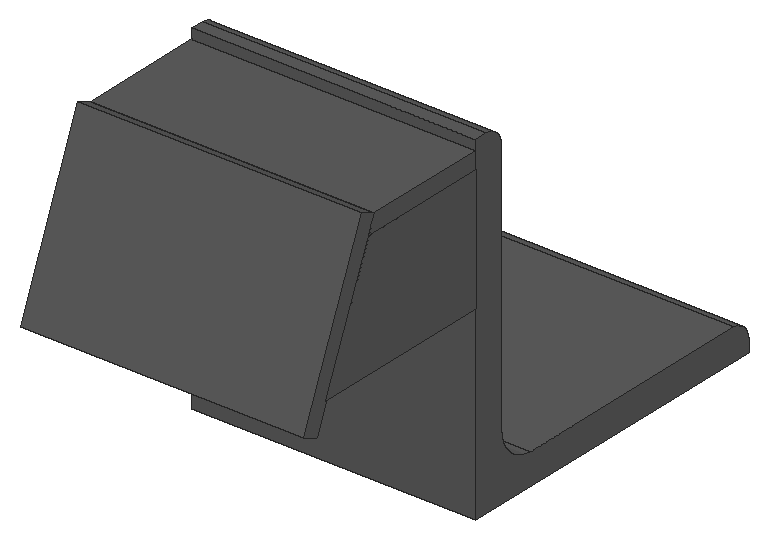
Revit family "MF_HOLD DOWN BRACKET_1904424", category Modelos genéricos, Revit 2018
Family settings
  Puede alojar armadura = No
  Cota de conector redondo = Diámetro de uso
  Tipo de pieza = Normal
  Número OmniClass = 35.51.14.00
  Título OmniClass = FORMWORK
  Se basa en plano de trabajo = Sí
  Siempre vertical = No
  Corte con vacíos al cargar = No
  Compartido = Sí
  Punto de cálculo de habitación = No
Parameters
  VERSION = "20170217"  # constant formula
  URL = "www.ulmaconstruction.com/en"
  UNICLASS = ""
  Fabricante = "ULMA CONSTRUCTION"  # constant formula
  ITEM_CODE = "1904424"
  FILTER [instance] = ""
  Default Elevation = 0.000 mm
  CLASSIFICATION_TITLE = ""
  CLASSIFICATION_NUMBER = ""
Reference planes
  plane 1 "Centro (Frontal/Posterior)": y = 0
  plane 2: z = 0
  plane 3 "Centro (Izquierda/Derecha)": x = 0
Forms (mm)
  Extrusion 1, solid, material "ULMA BLACK"
    sketch origin (0, 0, 1.5) x (0, 1, 0) y (0, 0, 1)
      loop
        arc (11, 47) -> (9.096, 51.596) -> (4.5, 53.5) r 6.5
        line (4.5, 53.5) -> (0, 53.5) -> (0, -66.5) -> (120, -66.5) -> (120, -62)
        arc (120, -62) -> (118.096, -57.404) -> (113.5, -55.5) r 6.5
        line (113.5, -55.5) -> (24, -55.5)
        arc (24, -55.5) -> (14.808, -51.692) -> (11, -42.5) r 13
        line (11, -42.5) -> (11, 47)
    from -50 to 50
  Extrusion 2, solid, material "ULMA BLACK", detail levels fine
    sketch origin (0, 0, 1.5) x (0, 1, 0) y (0, 0, 1)
      loop
        line (-50.299, 52.344) -> (-75.697, -7.488) -> (-70.174, -9.833) -> (-44.776, 50) -> (-50.299, 52.344)
    from -50 to 50
  Extrusion 3, solid, material "ULMA BLACK", detail levels fine
    sketch origin (0, 0, 1.5) x (0, 1, 0) y (0, 0, 1)
      loop
        line (0, 44) -> (0, 50) -> (-44.776, 50) -> (-47.323, 44) -> (0, 44)
    from -50 to 50
  Extrusion 4, solid, material "ULMA BLACK", detail levels fine
    sketch origin (0, 0, 1.5) x (0, 1, 0) y (0, 0, 1)
      loop
        line (-47.323, 44) -> (-66, 0) -> (0, 0) -> (0, 44) -> (-47.323, 44)
    from 46.09 to 50
  Extrusion 5, solid, material "ULMA BLACK", detail levels fine
    sketch origin (-96.09, 0, 1.5) x (0, 1, 0) y (0, 0, 1)
      loop
        line (-47.323, 44) -> (-66, 0) -> (0, 0) -> (0, 44) -> (-47.323, 44)
    from 46.09 to 50
  Extrusion 6, solid, material "ULMA BLACK", detail levels fine
    sketch origin (0, 0, 1.5) x (0, 1, 0) y (0, 0, 1)
      loop
        line (111, -55.5) -> (11, 44.5) -> (11, -35.5) -> (31, -55.5) -> (111, -55.5)
    from -50 to -44
Lines and regions (mm)
  model lines, style "ULMA ANCHOR", detail levels fine
    curve 1: circle (-23.163, 81.663, -54) r 4 normal (0, 0, -1)
    curve 2: line (-15.031, 52.318, -54) -> (6.182, 73.531, -54)
    curve 3: arc (6.182, 73.531, -54) -> (21.031, 73.531, -54) -> (21.031, 58.682, -54) r 10.5
    curve 4: line (21.031, 58.682, -54) -> (-0.182, 37.469, -54)
    curve 5: arc (-0.182, 37.469, -54) -> (-15.031, 37.469, -54) -> (-15.031, 52.318, -54) r 10.5
    curve 6: circle (29.163, 29.337, -54) r 4 normal (0, 0, -1)
    curve 7: circle (-23.163, 81.663, -65) r 4 normal (0, 0, -1)
    curve 8: line (-15.031, 52.318, -65) -> (6.182, 73.531, -65)
    curve 9: arc (6.182, 73.531, -65) -> (21.031, 73.531, -65) -> (21.031, 58.682, -65) r 10.5
    curve 10: line (21.031, 58.682, -65) -> (-0.182, 37.469, -65)
    curve 11: arc (-0.182, 37.469, -65) -> (-15.031, 37.469, -65) -> (-15.031, 52.318, -65) r 10.5
    curve 12: circle (29.163, 29.337, -65) r 4 normal (0, 0, -1)
Dimensions and locks
  aligned and locked: level to plane 2
